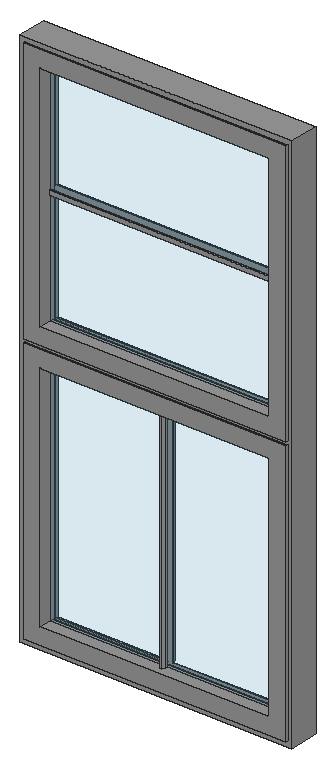
Revit family "Kawneer_Window_GT70s_Pos0081", category Windows, host Wall, Revit 2020
Family settings
  Host = Wall
  OmniClass Number = 23.30.20.00
  OmniClass Title = Windows
  Always vertical = Yes
  Cut with Voids When Loaded = No
  Shared = No
  Room Calculation Point = No
Parameters (values of type "1000mm(w)x2000mm(h)")
  _ObjectUserGuide = "www.bimstore.co.uk"
  _DistributedBy = "www.bimstore.co.uk"
  _CurrentRevision = 1
  _CreatedBy = "https://www.bimstore.co/"
  _BimSpecGuid = 0
  _BSBibleVersion = 16
  _AuthorizedBy = "bimstore"
  _Author = "BS"
  WarrantyStartDate [instance] = "Please record on commissioning."
  WarrantyGuarantorParts = "kuk.kawneer@arconic.com"
  WarrantyGuarantorLabor = "kuk.kawneer@arconic.com"
  WarrantyDurationUnit = "Years"
  WarrantyDurationParts = "n/a"
  WarrantyDurationLabor = "n/a"
  WarrantyDescription = "Kawneer Lifetime Guarantee"
  WallThickness [instance] = 300 mm
  URL = "https://www.kawneer.com"
  TypeName = Model  # "GT70s - Pos 008"
  Type Comments = "1000mm(w)x2000mm(h)"
  TopPanel = 600 mm
  SpareParts = "n/a"
  Size = Type Comments  # "1000mm(w)x2000mm(h)"
  Shape = "Rectangle"
  SerialNumber [instance] = "Please record on commissioning."
  Rough Width = system length 1  # 1000 mm
  Rough Height = system length 2  # 2000 mm
  ReplacementCost = "n/a"
  ReferencedStandard = "n/a"
  ProductionYear = "2022"
  OffsetOutward [instance] = if(ExternalRevealDepth > 0 mm, 0 mm, 0 mm - ExternalRevealDepth)  # 0 mm
  OffsetInward [instance] = if(OffsetOutward = 0 mm, ExternalRevealDepth, 0 mm)  # 30 mm
  NominalLength = system length 1  # 1000 mm
  NominalHeight = system length 2  # 2000 mm
  NominalDepth = FrameDepth  # 72 mm
  NBSReference = "45-25-99/310"
  NBSOfficeMasterTag = "n/a"
  NBSObjectName = "Kawneer - Aluminium window units"
  NBSNote = "n/a"
  NBSDescription = "Aluminium window units"
  ModelReference = Type Comments  # "1000mm(w)x2000mm(h)"
  ModelNumber = Model  # "GT70s - Pos 008"
  Model = "GT70s - Pos 008"
  Material = "Aluminium"
  ManufacturerName = "Kawneer UK Limited"
  Manufacturer = "Kawneer UK Limited"
  Keynote = "L10/330"
  JambTolerance = 0 mm
  IronmongeryMaterial [instance] = Aluminum
  InternalRevealThickness = 5 mm
  InternalRevealDepth [instance] = WallThickness - ExternalRevealDepth - FrameDepth  # 198 mm
  InstallationDate [instance] = "Please record on commissioning."
  IfcExportType = "IfcWindowTypeEnum.WINDOW"
  IfcExportAs = "IfcWindow"
  system length 2 = 2000 mm
  HeadTolerance = 0 mm
  HasCill [instance] = no
  Grade = "n/a"
  GlazingThickness = 28 mm  # constant formula
  GlazingMaterial [instance] = Kawneer Glass
  GlassThickness = 6 mm  # constant formula
  GlassOffset_EXT = 7 mm  # constant formula
  FrameWidth = 79 mm  # constant formula
  FrameMaterial [instance] = Aluminum
  Finish = "PPC"
  Features = "n/a"
  ExternalRevealDepth [instance] = 30 mm
  ExpectedLife = 0
  DurationUnit = "Years"
  DocumentationTechnical = "n/a"
  DocumentationMaintenance = "n/a"
  DocumentationLiterature = "https://www.kawneer.com"
  DocumentationInstallationGuide = "n/a"
  DocumentationCertificates = "n/a"
  Description = "Window"
  FrameDepth = 72 mm  # constant formula
  Default Cill Height = 800 mm
  Wall Closure = By host
  system length 1 = 1000 mm
  CreatedOn = "12-09.2022 T09:00:00"
  CreatedBy = "kuk.kawneer@arconic.com"
  Constituents = "n/a"
  Color = "n/a"
  CodePerformance = "n/a"
  ClassificationValue = "Pr_30_59_98_02"
  ClassificationName = "Uniclass2015"
  CillHeight [instance] = if(HasCill, 30 mm, 0 mm)  # 0 mm
  BottomPanel = 500 mm
  BarCode [instance] = "Please record on commissioning."
  BIMObjectName = "Kawneer_Window_GT70s_Pos008"
  AssetType = "Fixed"
  AssetIdentifier [instance] = "n/a"
  Assembly Code = "B2020100"
  AccessibilityPerformance = "n/a"
Values of the unnamed type that differ from the named types
  Wall Closure = (empty or 0)
Reference planes
  plane 1 "Center (Front/Back)": y = 0
  plane 2 "Center (Left/Right)": x = 0
  plane 3 "Left": x = -500
  plane 4 "Right": x = 500
  plane 5 "Sill": z = 800
  plane 6 "Head": z = 2800
  plane 7 "Exterior": y = 150
  plane 8 "Interior": y = -150
  plane 9 "Front": y = 120
  plane 10 "Frame Rear": y = 48
  plane 11 "Base": z = 800
  plane 12 "Offset Inward": y = 120
  plane 13: x = -495
  plane 14: x = 495
  plane 15 "7": z = 2795
  plane 16 "Int Wrap": y = 48
  plane 17 "CL": z = 1800
  plane 18 "JAMB TOL A": x = -500
  plane 19 "JAMB TOL B": x = 500
  plane 20 "HEAD TOL": z = 2800
  plane 21 "HEAD TOL E": z = 2721
  plane 22 "HEAD TOL F": z = 879
  plane 23 "Handle Int": y = 48
Forms (mm)
  Extrusion 1, void
    sketch origin (0, 0, 0) x (1, 0, 0) y (0, 1, 0)
      loop
        line (-495, 48) -> (-495, -150) -> (495, -150) -> (495, 48) -> (-495, 48)
    from 800 to 2795
  Extrusion 2, void
    sketch origin (0, 0, 0) x (1, 0, 0) y (0, 1, 0)
      loop
        line (-500, 150) -> (-500, 48) -> (500, 48) -> (500, 150) -> (-500, 150)
    from 800 to 2800
Lines and regions (mm)
  Masking region 1
    outline origin (-500, 0, 0) x (0, -1, 0) y (0, 0, 1)
      loop
        line (150, 2800) -> (-48, 2800) -> (-48, 2795) -> (150, 2795) -> (150, 2800)
Text (mm)
  text "EXTERIOR" at (-1963.203, 1332.353, 0), in view "Ref. Level"
  text "INTERIOR" at (-1981.466, -818.386, 0), in view "Ref. Level"
  text "Exterior" at (0, 923.751, 2943.296), in view "Right"
  text "Exterior" at (0, 1040.484, 2685.409), in view "Left"
Dimensions and locks
  equal spacing: plane 3 "Left", plane 2 "Center (Left/Right)", plane 4 "Right"
  "system length 1": plane 3 "Left" to plane 4 "Right"
  "system length 2": plane 5 "Sill" to plane 6 "Head"
  "Default Cill Height": plane 5 "Sill" to level
  locked: plane 7 "Exterior" to host wall
  locked: plane 8 "Interior" to host wall
  "FrameDepth": plane 9 "Front" to plane 10 "Frame Rear"
  "OffsetInward": plane 12 "Offset Inward" to plane 7 "Exterior"
  "OffsetOutward": plane 9 "Front" to plane 12 "Offset Inward"
  "InternalRevealThickness": plane 3 "Left" to plane 13
  "InternalRevealThickness": plane 14 to plane 4 "Right"
  "InternalRevealThickness": plane 6 "Head" to plane 15 "7"
  "InternalRevealDepth": plane 8 "Interior" to plane 16 "Int Wrap"
  "WallThickness": host wall to host wall
  equal spacing: plane 5 "Sill", plane 17 "CL", plane 6 "Head"
  "JambTolerance": plane 19 "JAMB TOL B" to plane 4 "Right"
  "JambTolerance": plane 3 "Left" to plane 18 "JAMB TOL A"
  "HeadTolerance": plane 20 "HEAD TOL" to plane 6 "Head"
  "FrameWidth": plane 21 "HEAD TOL E" to plane 20 "HEAD TOL"
  "FrameWidth": plane 11 "Base" to plane 22 "HEAD TOL F"
  "CillHeight": plane 5 "Sill" to plane 11 "Base"
  locked: plane 9 "Front" to plane 23 "Handle Int" at 72
  aligned and locked: Extrusion 1 sketch curve to plane 16 "Int Wrap"
  aligned and locked: Extrusion 1 sketch curve to plane 13
  aligned and locked: Extrusion 1 sketch curve to plane 14
  aligned and locked: Extrusion 1 sketch curve to plane 8 "Interior"
  aligned and locked: Extrusion 1 to plane 15 "7"
  aligned and locked: plane 5 "Sill" to Extrusion 1
  aligned and locked: Extrusion 2 sketch curve to plane 3 "Left"
  aligned and locked: plane 4 "Right" to Extrusion 2 sketch curve
  aligned and locked: plane 16 "Int Wrap" to Extrusion 2 sketch curve
  aligned and locked: Extrusion 2 to plane 6 "Head"
  aligned and locked: plane 5 "Sill" to Extrusion 2
  aligned and locked: plane 7 "Exterior" to Extrusion 2 sketch curve
  aligned and locked: plane 16 "Int Wrap" to Masking region 1 sketch curve
  aligned and locked: plane 15 "7" to Masking region 1 sketch curve
  aligned and locked: Masking region 1 sketch curve to plane 6 "Head"
  aligned and locked: host wall to Masking region 1 sketch curve
  aligned and locked: nested 1 to plane 20 "HEAD TOL"
  aligned and locked: nested 1 to plane 11 "Base"
  aligned and locked: nested 1 to plane 19 "JAMB TOL B"
  aligned and locked: plane 18 "JAMB TOL A" to nested 1
  aligned and locked: plane 9 "Front" to nested 1
Nested families
  nested 1: "Kawneer_GT70s_Pos008" at (500, 120, 1800) x (-1, 0, 0) z (0, 0, 1), FrameMaterial <- "FrameMaterial", GlassMaterial <- "GlazingMaterial", type ""
    with Width 1000 mm, Height 2000 mm, GlassMaterial Kawneer Glass, FrameMaterial Aluminum, BottomPanel 1000 mm
Definition of nested family "Kawneer_GT70s_Pos008"
  Parameters (values of type "Kawneer_GT70s_Pos008")
    Width [instance] = 1000 mm
    TopPanel = 600 mm
    Offset = 0 mm
    Height [instance] = 2000 mm
    GlassMaterial [instance] = none
    GPane = 6 mm
    FrameMaterial [instance] = none
    Default Elevation = 0 mm
    BottomPanel [instance] = Height / 2  # 1000 mm
  Reference planes
    plane 1 "Center (Front/Back)": y = 0
    plane 2: z = 0
    plane 3 "Center (Left/Right)": x = 0
    plane 4 "Frame Front": y = 0
    plane 5 "Frame": y = 72
    plane 6: x = 1000
    plane 7: z = 1000
    plane 8: z = -1000
    plane 9 "Glass Front": y = 7
    plane 10: y = 13
    plane 11: y = 29
    plane 12 "Glass Internal": y = 35
    plane 13 "CL": x = 500
    plane 14: x = 69.95
    plane 15: x = 930.05
    plane 16: z = 930.05
    plane 17: z = -930.05
    plane 18: z = 0
    plane 19: z = -57.95
    plane 20: z = 57.95
    plane 21: z = 494
  Forms (mm)
    Extrusion 1, solid, material <- "GlassMaterial"
      sketch origin (0, 0, 0) x (1, 0, 0) y (0, 1, 0)
        loop
          line (930.05, 29) -> (930.05, 35) -> (69.95, 35) -> (69.95, 29) -> (930.05, 29)
        loop
          line (930.05, 7) -> (930.05, 13) -> (69.95, 13) -> (69.95, 7) -> (930.05, 7)
      from 57.95 to 930.05
    Sweep 2, solid, material <- "FrameMaterial"
      path origin (0, 0, 0) x (-1, 0, 0) y (0, 0, 1)
        loop
          line (-1000, 1000) -> (-1000, -1000) -> (0, -1000) -> (0, 1000) -> (-1000, 1000)
      profile "Kawneer_GT70s_JambFixed8_Profile : Kawneer_GT70s_JambFixed8_Profile" origin (1000, 0, 0) x (-1, 0, 0) y (0, 1, 0)
        loop
          line (0, 72) -> (0, -34) -> (17.056, -34) -> (26.973, -10) -> (39, -10) -> (39, 4) -> (24, 4) -> (24, 72) -> (0, 72)
    Sweep 3, solid, material <- "FrameMaterial"
      path origin (0, 7, 0) x (-1, 0, 0) y (0, 0, 1)
        loop
          line (-930.05, 930.05) -> (-930.05, 57.95) -> (-69.95, 57.95) -> (-69.95, 930.05) -> (-930.05, 930.05)
      profile "Kawneer_GT70s_OpenVent3_Profile : Kawneer_GT70s_OpenVent3_Profile" origin (930.05, 7, 494) x (-1, 0, 0) y (0, 1, 0)
        loop
          line (-51.95, 65) -> (-45, 65) -> (-45, -2.3) -> (-18.951, -2.3) -> (-18.951, -7) -> (9.05, -7) -> (9.05, 0) -> (0, 0) -> (0, 28) -> (9.05, 28) -> (9.05, 73) -> (-51.95, 73) -> (-51.95, 65)
    Sweep 4, solid, material <- "FrameMaterial"
      path origin (0, 7, 0) x (-1, 0, 0) y (0, 0, 1)
        loop
          line (-69.95, -57.95) -> (-930.05, -57.95) -> (-930.05, -930.05) -> (-69.95, -930.05) -> (-69.95, -57.95)
      profile "Kawneer_GT70s_OpenVent3_Profile : Kawneer_GT70s_OpenVent3_Profile" origin (69.95, 7, -494) x (-1, 0, 0) y (0, 1, 0)
        loop
          line (51.95, 65) -> (51.95, 73) -> (-9.05, 73) -> (-9.05, 28) -> (0, 28) -> (0, 0) -> (-9.05, 0) -> (-9.05, -7) -> (18.951, -7) -> (18.951, -2.3) -> (45, -2.3) -> (45, 65) -> (51.95, 65)
    Sweep 5, solid, material <- "FrameMaterial"
      path origin (0, 0, 0) x (-1, 0, 0) y (0, 0, 1)
        loop
          line (0, 0) -> (-1000, 0)
      profile "Kawneer_GT70s_Trans8_Profile : Kawneer_GT70s_Trans8_Profile" origin (500, 0, 0) x (0, 0, -1) y (0, 1, 0)
        loop
          line (-12, 72) -> (-12, 4.7) -> (-27, 4.7) -> (-27, -8.201) -> (-14.941, -8.201) -> (-5, -32.201) -> (5, -32.201) -> (14.941, -8.201) -> (27, -8.201) -> (27, 4.7) -> (12, 4.7) -> (12, 72) -> (-12, 72)
    Extrusion 6, solid, material <- "GlassMaterial"
      sketch origin (0, 0, -1685.501) x (1, 0, 0) y (0, 1, 0)
        loop
          line (930.05, 29) -> (930.05, 35) -> (69.95, 35) -> (69.95, 29) -> (930.05, 29)
        loop
          line (930.05, 7) -> (930.05, 13) -> (69.95, 13) -> (69.95, 7) -> (930.05, 7)
      from 755.451 to 1627.55
    Sweep 7, solid, material <- "FrameMaterial"
      path origin (0, 7, 0) x (-1, 0, 0) y (0, 0, 1)
        loop
          line (-500, -67) -> (-500, -921)
      profile "Kawneer_GT70s_Bead_Profile : Kawneer_GT70s_Bead_Profile" origin (500, 7, -494) x (-1, 0, 0) y (0, 1, 0)
        loop
          line (-9, 0) -> (-9, -6.34) -> (-4, -15) -> (4, -15) -> (9, -6.34) -> (9, 0) -> (-9, 0)
    Sweep 8, solid, material <- "FrameMaterial"
      path origin (0, 35, 0) x (-1, 0, 0) y (0, 0, 1)
        loop
          line (-500, -921) -> (-500, -67)
      profile "Kawneer_GT70s_Bead_Profile : Kawneer_GT70s_Bead_Profile" origin (500, 35, -494) x (1, 0, 0) y (0, 1, 0)
        loop
          line (9, 0) -> (9, 6.34) -> (4, 15) -> (-4, 15) -> (-9, 6.34) -> (-9, 0) -> (9, 0)
    Sweep 9, solid, material <- "FrameMaterial"
      path origin (0, 7, 0) x (-1, 0, 0) y (0, 0, 1)
        loop
          line (-79, 494) -> (-921, 494)
      profile "Kawneer_GT70s_BeadHori_Profile : Kawneer_GT70s_BeadHori_Profile" origin (500, 7, 494) x (0, 0, -1) y (0, 1, 0)
        loop
          line (-9, 0) -> (-9, -6) -> (9, -6) -> (9, 0) -> (-9, 0)
    Sweep 10, solid, material <- "FrameMaterial"
      path origin (0, 35, 0) x (-1, 0, 0) y (0, 0, 1)
        loop
          line (-79, 494) -> (-921, 494)
      profile "Kawneer_GT70s_BeadHori_Profile : Kawneer_GT70s_BeadHori_Profile" origin (500, 35, 494) x (0, 0, -1) y (0, 1, 0)
        loop
          line (-9, 0) -> (9, 0) -> (9, 6) -> (-9, 6) -> (-9, 0)
  Cuts and joins
    joined: Sweep 2, Sweep 5
    joined: Sweep 4, Sweep 7, Sweep 8
    joined: Sweep 3, Sweep 9, Sweep 10
  Lines and regions (mm)
    symbolic lines
      curve 1: line (79, 7, -67) -> (500, 7, -921)
      curve 2: line (500, 7, -921) -> (921, 7, -67)
      curve 3: line (79, 7, 921) -> (500, 7, 67)
      curve 4: line (500, 7, 67) -> (921, 7, 921)
  Dimensions and locks
    equal spacing: plane 7, level, plane 8
    "Height": plane 7 to plane 8
    "Width": plane 6 to plane 3 "Center (Left/Right)"
    locked: plane 5 "Frame" to plane 4 "Frame Front" at 72
    "Offset": plane 4 "Frame Front" to plane 1 "Center (Front/Back)"
    equal spacing: plane 6, plane 13 "CL", plane 3 "Center (Left/Right)"
    locked: plane 9 "Glass Front" to plane 4 "Frame Front" at 7
    locked: plane 12 "Glass Internal" to plane 9 "Glass Front" at 28
    "GPane": plane 12 "Glass Internal" to plane 11
    "GPane": plane 10 to plane 9 "Glass Front"
    locked: plane 14 to plane 3 "Center (Left/Right)" at 69.95
    locked: plane 6 to plane 15 at 69.95
    locked: plane 7 to plane 16 at 69.95
    locked: plane 17 to plane 8 at 69.95
    "BottomPanel": plane 18 to plane 8
    locked: plane 20 to plane 18 at 57.95
    locked: plane 18 to plane 19 at 57.95
    equal spacing: plane 16, plane 21, plane 20
    aligned and locked: level to plane 2
    aligned and locked: plane 11 to Extrusion 1 sketch curve
    aligned and locked: plane 9 "Glass Front" to Extrusion 1 sketch curve
    aligned and locked: Extrusion 1 sketch curve to plane 15  (x2)
    aligned and locked: plane 6 to Sweep 2 sketch curve
    aligned and locked: plane 8 to Sweep 2 sketch curve
    aligned and locked: plane 7 to Sweep 2 sketch curve
    aligned and locked: plane 3 "Center (Left/Right)" to Sweep 2 sketch curve
    aligned and locked: plane 16 to Extrusion 1
    aligned and locked: plane 15 to Sweep 3 sketch curve
    aligned and locked: plane 16 to Sweep 3 sketch curve
    aligned and locked: plane 14 to Sweep 4 sketch curve
    aligned and locked: plane 17 to Sweep 4 sketch curve
    aligned and locked: plane 6 to nested 2
    aligned and locked: plane 4 "Frame Front" to nested 2
    aligned and locked: Sweep 4 sketch curve to plane 15
    aligned and locked: Sweep 3 sketch curve to plane 14
    aligned and locked: Extrusion 1 sketch curve to plane 14  (x2)
    aligned and locked: Extrusion 1 to plane 20
    aligned and locked: plane 3 "Center (Left/Right)" to Sweep 5 sketch curve
    aligned and locked: plane 6 to Sweep 5 sketch curve
    aligned and locked: nested 3 to plane 18
    aligned and locked: nested 3 to plane 4 "Frame Front"
    aligned and locked: plane 19 to Extrusion 6
    aligned and locked: Extrusion 6 to plane 17
    aligned and locked: Extrusion 6 sketch curve to plane 14  (x2)
    aligned and locked: Extrusion 6 sketch curve to plane 15  (x2)
    aligned and locked: Sweep 3 sketch curve to plane 20
    aligned and locked: Sweep 4 sketch curve to plane 19
    aligned and locked: nested 4 to plane 9 "Glass Front"
    aligned and locked: plane 13 "CL" to nested 4
    aligned and locked: nested 5 to plane 13 "CL"
    aligned and locked: nested 5 to plane 12 "Glass Internal"
    aligned and locked: cut or joined group of Sweep 4, Sweep 7, Sweep 8 to Sweep 7 sketch curve  (x2)
    aligned and locked: Sweep 8 sketch curve to plane 13 "CL"
    aligned and locked: cut or joined group of Sweep 4, Sweep 7, Sweep 8 to Sweep 8 sketch curve  (x2)
    aligned and locked: plane 3 "Center (Left/Right)" to nested 6
    aligned and locked: nested 6 to plane 4 "Frame Front"
    aligned and locked: nested 1 to plane 8
    aligned and locked: nested 1 to plane 4 "Frame Front"
    aligned and locked: nested 7 to plane 7
    aligned and locked: plane 4 "Frame Front" to nested 7
    aligned and locked: plane 21 to Sweep 9 sketch curve
    aligned and locked: Sweep 3 to Sweep 9 sketch curve  (x2)
    aligned and locked: plane 21 to Sweep 10 sketch curve
    aligned and locked: cut or joined group of Sweep 3, Sweep 9, Sweep 10 to Sweep 10 sketch curve  (x2)
  Automatic sketch dimensions
    Extrusion 1 sketch curve to plane 10 = 0 mm
    Extrusion 1 sketch curve to plane 12 "Glass Internal" = 0 mm
    Sweep 5 sketch curve to plane 18 = 0 mm
    Extrusion 6 sketch curve to plane 12 "Glass Internal" = 0 mm
    Extrusion 6 sketch curve to plane 10 = 0 mm
    Extrusion 6 sketch curve to plane 9 "Glass Front" = 0 mm
    Extrusion 6 sketch curve to plane 11 = 0 mm
    curve 2 to plane 13 "CL" = 0 mm
    curve 3 to plane 13 "CL" = 0 mm
    plane 17 to curve 1 = 9.05 mm
    curve 4 to plane 15 = 9.05 mm
    curve 2 to plane 15 = 9.05 mm
    plane 14 to curve 3 = 9.05 mm
    plane 14 to curve 1 = 9.05 mm
    curve 2 to plane 19 = 9.05 mm
    curve 1 to plane 19 = 9.05 mm
    plane 20 to curve 3 = 9.05 mm
    curve 4 to plane 16 = 9.05 mm
    curve 3 to plane 16 = 9.05 mm
    Sweep 7 sketch curve to plane 13 "CL" = 0 mm
  Nested families
    nested 1: "Kawneer_GT70s_Jamb8" at (0, 72, -1000) x (0, 0, -1) z (1, 0, 0), type "Jamb Open"
    nested 2: "Kawneer_GT70s_Jamb8" at (1000, 72, 0), type "Jamb Open"
      with Open yes
    nested 3: "Kawneer_GT70s_Trans8" at (0, 72, 0) x (0, 0, -1) z (1, 0, 0), type "Jamb Open"
      with Open yes
    nested 4: "Kawneer_GT70s_Bead" at (500, 7, 0), type "Jamb Open"
      with Open yes
    nested 5: "Kawneer_GT70s_Bead" at (500, 35, 0), type ""
      with Open yes
    nested 6: "Kawneer_GT70s_Jamb8" at (0, 72, 0) x (-1, 0, 0) z (0, 0, 1), type ""
      with Open yes
    nested 7: "Kawneer_GT70s_Jamb8" at (0, 72, 1000) x (0, 0, 1) z (1, 0, 0), type ""
  Definition of nested family "Kawneer_GT70s_Jamb8"
    Parameters (values of type "Jamb Open")
      Open [instance] = yes
    Reference planes
      plane 1 "Center (Front/Back)": y = 0
      plane 2: z = 0
      plane 3 "Center (Left/Right)": x = 0
      plane 4: x = -78.974
      plane 5: x = -69.95
      plane 6: y = -37
      plane 7: y = -72
      plane 8: y = -65
    Lines and regions (mm)
      model lines, in view "Ref. Level", detail levels fine
        curve 1: arc (-8.164, -35.8, 0) -> (-7.264, -34.9, 0) -> (-8.164, -34, 0) r 0.9
        curve 2: arc (-15.85, -36.2, 0) -> (-16.75, -37.1, 0) -> (-15.85, -38, 0) r 0.9
        curve 3: arc (-48.723, -39.1, 0) -> (-47.823, -38.2, 0) -> (-48.723, -37.3, 0) r 0.9
        curve 4: arc (-53.321, -39.499, 0) -> (-54.221, -40.399, 0) -> (-53.321, -41.299, 0) r 0.9
        curve 5: spline (-76.834, -35.939, 0) -> (-76.956, -36.099, 0) -> (-77.089, -36.249, 0) -> (-77.232, -36.387, 0) -> (-77.384, -36.512, 0) -> (-77.545, -36.625, 0) -> (-77.713, -36.724, 0) -> (-77.887, -36.809, 0) -> (-78.067, -36.879, 0) -> (-78.251, -36.934, 0) -> (-78.439, -36.973, 0) -> (-78.629, -36.997, 0) -> (-78.82, -37.005, 0)
        curve 6: spline (-76.631, -35.658, 0) -> (-76.486, -35.487, 0) -> (-76.319, -35.341, 0) -> (-76.135, -35.222, 0) -> (-75.937, -35.133, 0) -> (-75.73, -35.075, 0) -> (-75.517, -35.05, 0) -> (-75.303, -35.058, 0) -> (-75.092, -35.099, 0) -> (-74.889, -35.172, 0) -> (-74.698, -35.276, 0) -> (-74.522, -35.409, 0) -> (-74.365, -35.567, 0)
        curve 7: spline (-72.262, -37.005, 0) -> (-72.398, -37, 0) -> (-72.534, -36.985, 0) -> (-72.669, -36.96, 0) -> (-72.802, -36.924, 0) -> (-72.932, -36.879, 0) -> (-73.059, -36.825, 0) -> (-73.182, -36.761, 0) -> (-73.302, -36.688, 0) -> (-73.416, -36.607, 0) -> (-73.525, -36.517, 0) -> (-73.628, -36.419, 0) -> (-73.724, -36.314, 0)
        curve 8: spline (-70.342, -35.717, 0) -> (-70.205, -35.77, 0) -> (-70.084, -35.857, 0) -> (-69.985, -35.974, 0) -> (-69.916, -36.113, 0) -> (-69.879, -36.266, 0) -> (-69.877, -36.425, 0) -> (-69.911, -36.579, 0) -> (-69.978, -36.72, 0) -> (-70.073, -36.839, 0) -> (-70.193, -36.929, 0) -> (-70.329, -36.986, 0) -> (-70.474, -37.005, 0)
        curve 9: spline (-70.342, -35.717, 0) -> (-70.537, -35.662, 0) -> (-70.728, -35.592, 0) -> (-70.915, -35.509, 0) -> (-71.096, -35.413, 0) -> (-71.27, -35.304, 0) -> (-71.437, -35.182, 0) -> (-71.597, -35.048, 0) -> (-71.748, -34.903, 0) -> (-71.889, -34.747, 0) -> (-72.021, -34.582, 0) -> (-72.142, -34.407, 0) -> (-72.252, -34.223, 0)
        curve 10: spline (-73.361, -32.421, 0) -> (-73.263, -32.567, 0) -> (-73.166, -32.714, 0) -> (-73.07, -32.861, 0) -> (-72.975, -33.01, 0) -> (-72.881, -33.159, 0) -> (-72.788, -33.309, 0) -> (-72.696, -33.459, 0) -> (-72.605, -33.611, 0) -> (-72.515, -33.763, 0) -> (-72.426, -33.915, 0) -> (-72.339, -34.069, 0) -> (-72.252, -34.223, 0)
        curve 11: spline (-73.732, -32.12, 0) -> (-73.695, -32.135, 0) -> (-73.66, -32.153, 0) -> (-73.625, -32.172, 0) -> (-73.591, -32.193, 0) -> (-73.558, -32.216, 0) -> (-73.526, -32.241, 0) -> (-73.495, -32.267, 0) -> (-73.466, -32.295, 0) -> (-73.437, -32.324, 0) -> (-73.411, -32.355, 0) -> (-73.385, -32.388, 0) -> (-73.361, -32.421, 0)
        curve 12: spline (-75.892, -31.492, 0) -> (-75.881, -31.466, 0) -> (-75.867, -31.442, 0) -> (-75.85, -31.421, 0) -> (-75.832, -31.402, 0) -> (-75.811, -31.386, 0) -> (-75.788, -31.372, 0) -> (-75.764, -31.362, 0) -> (-75.739, -31.356, 0) -> (-75.713, -31.353, 0) -> (-75.687, -31.354, 0) -> (-75.662, -31.358, 0) -> (-75.637, -31.366, 0)
        curve 13: spline (-75.947, -31.825, 0) -> (-75.952, -31.85, 0) -> (-75.96, -31.874, 0) -> (-75.97, -31.896, 0) -> (-75.983, -31.918, 0) -> (-75.998, -31.937, 0) -> (-76.015, -31.954, 0) -> (-76.034, -31.969, 0) -> (-76.054, -31.982, 0) -> (-76.075, -31.992, 0) -> (-76.098, -31.999, 0) -> (-76.12, -32.004, 0) -> (-76.144, -32.005, 0)
        curve 14: spline (-78.305, -32.005, 0) -> (-78.416, -31.997, 0) -> (-78.525, -31.972, 0) -> (-78.63, -31.93, 0) -> (-78.728, -31.874, 0) -> (-78.818, -31.803, 0) -> (-78.899, -31.719, 0) -> (-78.967, -31.623, 0) -> (-79.023, -31.519, 0) -> (-79.065, -31.407, 0) -> (-79.093, -31.289, 0) -> (-79.105, -31.169, 0) -> (-79.101, -31.048, 0)
        curve 15: spline (-79.406, -29.319, 0) -> (-79.355, -29.296, 0) -> (-79.3, -29.284, 0) -> (-79.244, -29.284, 0) -> (-79.19, -29.294, 0) -> (-79.138, -29.315, 0) -> (-79.09, -29.347, 0) -> (-79.049, -29.387, 0) -> (-79.015, -29.435, 0) -> (-78.99, -29.489, 0) -> (-78.974, -29.547, 0) -> (-78.969, -29.607, 0) -> (-78.974, -29.667, 0)
        curve 16: spline (-80.454, -30.472, 0) -> (-80.395, -30.35, 0) -> (-80.33, -30.233, 0) -> (-80.259, -30.119, 0) -> (-80.182, -30.01, 0) -> (-80.101, -29.905, 0) -> (-80.015, -29.804, 0) -> (-79.923, -29.709, 0) -> (-79.828, -29.62, 0) -> (-79.728, -29.535, 0) -> (-79.624, -29.457, 0) -> (-79.517, -29.385, 0) -> (-79.406, -29.319, 0)
        curve 17: spline (-81.242, -32.832, 0) -> (-81.195, -32.629, 0) -> (-81.146, -32.426, 0) -> (-81.092, -32.225, 0) -> (-81.035, -32.024, 0) -> (-80.975, -31.825, 0) -> (-80.911, -31.627, 0) -> (-80.843, -31.431, 0) -> (-80.772, -31.236, 0) -> (-80.698, -31.042, 0) -> (-80.62, -30.85, 0) -> (-80.539, -30.66, 0) -> (-80.454, -30.472, 0)
        curve 18: spline (-81.242, -32.832, 0) -> (-81.283, -33.008, 0) -> (-81.332, -33.181, 0) -> (-81.387, -33.352, 0) -> (-81.448, -33.521, 0) -> (-81.516, -33.687, 0) -> (-81.591, -33.849, 0) -> (-81.671, -34.008, 0) -> (-81.757, -34.163, 0) -> (-81.85, -34.314, 0) -> (-81.948, -34.46, 0) -> (-82.051, -34.602, 0) -> (-82.16, -34.74, 0)
        curve 19: spline (-81.729, -35.44, 0) -> (-81.815, -35.462, 0) -> (-81.903, -35.463, 0) -> (-81.989, -35.443, 0) -> (-82.069, -35.403, 0) -> (-82.139, -35.345, 0) -> (-82.195, -35.272, 0) -> (-82.236, -35.187, 0) -> (-82.258, -35.095, 0) -> (-82.262, -34.999, 0) -> (-82.246, -34.905, 0) -> (-82.211, -34.817, 0) -> (-82.16, -34.74, 0)
        curve 20: spline (-79.495, -33.912, 0) -> (-79.655, -34.079, 0) -> (-79.821, -34.239, 0) -> (-79.992, -34.393, 0) -> (-80.168, -34.54, 0) -> (-80.348, -34.679, 0) -> (-80.534, -34.811, 0) -> (-80.724, -34.936, 0) -> (-80.918, -35.053, 0) -> (-81.116, -35.162, 0) -> (-81.317, -35.263, 0) -> (-81.522, -35.356, 0) -> (-81.729, -35.44, 0)
        curve 21: spline (-79.495, -33.912, 0) -> (-79.31, -33.768, 0) -> (-79.091, -33.696, 0) -> (-78.864, -33.705, 0) -> (-78.65, -33.792, 0) -> (-78.474, -33.95, 0) -> (-78.354, -34.16, 0) -> (-78.303, -34.402, 0) -> (-78.325, -34.648, 0) -> (-78.419, -34.874, 0) -> (-78.575, -35.055, 0) -> (-78.776, -35.171, 0) -> (-79.001, -35.212, 0)
        curve 22: spline (-82.128, -35.961, 0) -> (-82.04, -35.854, 0) -> (-81.947, -35.754, 0) -> (-81.847, -35.661, 0) -> (-81.741, -35.576, 0) -> (-81.631, -35.499, 0) -> (-81.516, -35.43, 0) -> (-81.396, -35.37, 0) -> (-81.273, -35.32, 0) -> (-81.148, -35.278, 0) -> (-81.02, -35.246, 0) -> (-80.89, -35.224, 0) -> (-80.759, -35.212, 0)
        curve 23: spline (-82.128, -35.961, 0) -> (-82.14, -35.976, 0) -> (-82.152, -35.99, 0) -> (-82.164, -36.004, 0) -> (-82.177, -36.018, 0) -> (-82.189, -36.032, 0) -> (-82.202, -36.046, 0) -> (-82.215, -36.059, 0) -> (-82.228, -36.073, 0) -> (-82.241, -36.086, 0) -> (-82.254, -36.1, 0) -> (-82.267, -36.113, 0) -> (-82.28, -36.126, 0)
        curve 24: spline (-82.585, -36.478, 0) -> (-82.562, -36.446, 0) -> (-82.538, -36.415, 0) -> (-82.514, -36.384, 0) -> (-82.49, -36.354, 0) -> (-82.465, -36.324, 0) -> (-82.44, -36.294, 0) -> (-82.414, -36.265, 0) -> (-82.388, -36.236, 0) -> (-82.362, -36.208, 0) -> (-82.335, -36.18, 0) -> (-82.308, -36.153, 0) -> (-82.28, -36.126, 0)
        curve 25: spline (-82.349, -37.005, 0) -> (-82.405, -36.999, 0) -> (-82.458, -36.983, 0) -> (-82.508, -36.955, 0) -> (-82.552, -36.919, 0) -> (-82.59, -36.873, 0) -> (-82.619, -36.822, 0) -> (-82.638, -36.765, 0) -> (-82.648, -36.705, 0) -> (-82.647, -36.644, 0) -> (-82.636, -36.585, 0) -> (-82.615, -36.529, 0) -> (-82.585, -36.478, 0)
        curve 26: arc (-15.5, -1.4, 0) -> (-15.641, -1.459, 0) -> (-15.7, -1.6, 0) r 0.2
        curve 27: arc (-15.9, -1.8, 0) -> (-15.759, -1.741, 0) -> (-15.7, -1.6, 0) r 0.2
        curve 28: arc (-17, -1.8, 0) -> (-17.141, -1.859, 0) -> (-17.2, -2, 0) r 0.2
        curve 29: arc (-17.4, -3.213, 0) -> (-17.259, -3.154, 0) -> (-17.2, -3.013, 0) r 0.2
        curve 30: arc (-17.4, -3.213, 0) -> (-17.541, -3.271, 0) -> (-17.6, -3.413, 0) r 0.2
        curve 31: arc (-17.6, -15.2, 0) -> (-17.541, -15.341, 0) -> (-17.4, -15.4, 0) r 0.2
        curve 32: arc (-17.2, -15.6, 0) -> (-17.259, -15.459, 0) -> (-17.4, -15.4, 0) r 0.2
        curve 33: arc (-17.2, -16.5, 0) -> (-17.141, -16.641, 0) -> (-17, -16.7, 0) r 0.2
        curve 34: arc (-16.1, -16.8, 0) -> (-16.173, -16.727, 0) -> (-16.273, -16.7, 0) r 0.2
        curve 35: arc (-16.1, -16.8, 0) -> (-16.027, -16.873, 0) -> (-15.927, -16.9, 0) r 0.2
        curve 36: arc (-8.073, -16.9, 0) -> (-7.973, -16.873, 0) -> (-7.9, -16.8, 0) r 0.2
        curve 37: arc (-7.727, -16.7, 0) -> (-7.827, -16.727, 0) -> (-7.9, -16.8, 0) r 0.2
        curve 38: arc (-7, -16.7, 0) -> (-6.859, -16.641, 0) -> (-6.8, -16.5, 0) r 0.2
        curve 39: arc (-6.6, -15.4, 0) -> (-6.741, -15.459, 0) -> (-6.8, -15.6, 0) r 0.2
        curve 40: arc (-6.6, -15.4, 0) -> (-6.459, -15.341, 0) -> (-6.4, -15.2, 0) r 0.2
        curve 41: arc (-6.4, -3.413, 0) -> (-6.459, -3.271, 0) -> (-6.6, -3.213, 0) r 0.2
        curve 42: arc (-6.8, -3.013, 0) -> (-6.741, -3.154, 0) -> (-6.6, -3.213, 0) r 0.2
        curve 43: arc (-6.8, -2, 0) -> (-6.859, -1.859, 0) -> (-7, -1.8, 0) r 0.2
        curve 44: arc (-8.3, -1.6, 0) -> (-8.241, -1.741, 0) -> (-8.1, -1.8, 0) r 0.2
        curve 45: arc (-8.3, -1.6, 0) -> (-8.359, -1.459, 0) -> (-8.5, -1.4, 0) r 0.2
        curve 46: arc (0, -0.5, 0) -> (-0.146, -0.146, 0) -> (-0.5, 0, 0) r 0.5
        curve 47: arc (-1.222, -4.184, 0) -> (-0.333, -3.447, 0) -> (0, -2.342, 0) r 2
        curve 48: arc (-1.5, -4, 0) -> (-1.411, -4.167, 0) -> (-1.222, -4.184, 0) r 0.2
        curve 49: arc (-1.5, -2.3, 0) -> (-1.646, -1.946, 0) -> (-2, -1.8, 0) r 0.5
        curve 50: arc (-4.5, -1.8, 0) -> (-4.854, -1.946, 0) -> (-5, -2.3, 0) r 0.5
        curve 51: arc (-5, -15.8, 0) -> (-4.854, -16.154, 0) -> (-4.5, -16.3, 0) r 0.5
        curve 52: arc (-2, -16.3, 0) -> (-1.646, -16.154, 0) -> (-1.5, -15.8, 0) r 0.5
        curve 53: arc (-1.212, -14.22, 0) -> (-1.406, -14.23, 0) -> (-1.5, -14.4, 0) r 0.2
        curve 54: arc (-0.2, -15.839, 0) -> (-0.474, -14.884, 0) -> (-1.212, -14.22, 0) r 1.8
        curve 55: arc (-1.2, -19.6, 0) -> (-0.493, -19.307, 0) -> (-0.2, -18.6, 0) r 1
        curve 56: arc (-1.5, -19.4, 0) -> (-1.441, -19.541, 0) -> (-1.3, -19.6, 0) r 0.2
        curve 57: arc (-1.5, -18.2, 0) -> (-1.559, -18.059, 0) -> (-1.7, -18, 0) r 0.2
        curve 58: arc (-4.3, -18, 0) -> (-4.795, -18.205, 0) -> (-5, -18.7, 0) r 0.7
        curve 59: arc (-5.45, -21.627, 0) -> (-5.15, -21.627, 0) -> (-5, -21.367, 0) r 0.3
        curve 60: arc (-7.027, -20.258, 0) -> (-7.288, -20.366, 0) -> (-7.18, -20.628, 0) r 0.2
        curve 61: arc (-6.413, -18.777, 0) -> (-6.432, -18.589, 0) -> (-6.598, -18.5, 0) r 0.2
        curve 62: arc (-10.2, -18.5, 0) -> (-10.341, -18.559, 0) -> (-10.4, -18.7, 0) r 0.2
        curve 63: arc (-9.584, -21, 0) -> (-9.384, -20.785, 0) -> (-9.614, -20.602, 0) r 0.2
        curve 64: arc (-11.49, -20.581, 0) -> (-10.754, -20.893, 0) -> (-9.961, -21, 0) r 3
        curve 65: arc (-11.49, -20.581, 0) -> (-12, -20.441, 0) -> (-12.51, -20.581, 0) r 1
        curve 66: arc (-14.039, -21, 0) -> (-13.246, -20.893, 0) -> (-12.51, -20.581, 0) r 3
        curve 67: arc (-14.386, -20.602, 0) -> (-14.616, -20.785, 0) -> (-14.416, -21, 0) r 0.2
        curve 68: arc (-13.6, -18.7, 0) -> (-13.659, -18.559, 0) -> (-13.8, -18.5, 0) r 0.2
        curve 69: arc (-17.402, -18.5, 0) -> (-17.568, -18.589, 0) -> (-17.587, -18.777, 0) r 0.2
        curve 70: arc (-16.82, -20.628, 0) -> (-16.712, -20.366, 0) -> (-16.973, -20.258, 0) r 0.2
        curve 71: arc (-19, -21.367, 0) -> (-18.85, -21.627, 0) -> (-18.55, -21.627, 0) r 0.3
        curve 72: arc (-19, -18.7, 0) -> (-19.205, -18.205, 0) -> (-19.7, -18, 0) r 0.7
        curve 73: arc (-22.3, -18, 0) -> (-22.441, -18.059, 0) -> (-22.5, -18.2, 0) r 0.2
        curve 74: arc (-22.7, -19.6, 0) -> (-22.559, -19.541, 0) -> (-22.5, -19.4, 0) r 0.2
        curve 75: arc (-23.8, -18.6, 0) -> (-23.507, -19.307, 0) -> (-22.8, -19.6, 0) r 1
        curve 76: arc (-22.788, -14.22, 0) -> (-23.526, -14.884, 0) -> (-23.8, -15.839, 0) r 1.8
        curve 77: arc (-22.5, -14.4, 0) -> (-22.594, -14.23, 0) -> (-22.788, -14.22, 0) r 0.2
        curve 78: arc (-22.5, -15.8, 0) -> (-22.354, -16.154, 0) -> (-22, -16.3, 0) r 0.5
        curve 79: arc (-19.5, -16.3, 0) -> (-19.146, -16.154, 0) -> (-19, -15.8, 0) r 0.5
        curve 80: arc (-19, -2.3, 0) -> (-19.146, -1.946, 0) -> (-19.5, -1.8, 0) r 0.5
        curve 81: arc (-22, -1.8, 0) -> (-22.354, -1.946, 0) -> (-22.5, -2.3, 0) r 0.5
        curve 82: arc (-22.778, -4.184, 0) -> (-22.589, -4.167, 0) -> (-22.5, -4, 0) r 0.2
        curve 83: arc (-24, -2.342, 0) -> (-23.667, -3.447, 0) -> (-22.778, -4.184, 0) r 2
        curve 84: arc (-23.5, 0, 0) -> (-23.854, -0.146, 0) -> (-24, -0.5, 0) r 0.5
        curve 85: arc (-17.05, -35.5, 0) -> (-17.404, -35.646, 0) -> (-17.55, -36, 0) r 0.5
        curve 86: arc (-17.55, -36, 0) -> (-17.488, -40.61, 0) -> (-17.303, -45.217, 0) r 172.599
        curve 87: arc (-17.303, -45.217, 0) -> (-17.095, -46.157, 0) -> (-16.605, -46.985, 0) r 3.049
        curve 88: arc (-14.519, -50.563, 0) -> (-14.672, -49.527, 0) -> (-15.221, -48.635, 0) r 2.599
        curve 89: arc (-14.519, -51.022, 0) -> (-14.502, -51.152, 0) -> (-14.452, -51.274, 0) r 0.5
        curve 90: arc (-13.8, -53.5, 0) -> (-13.659, -53.441, 0) -> (-13.6, -53.3, 0) r 0.2
        curve 91: arc (-15.08, -53.05, 0) -> (-15.08, -53.35, 0) -> (-14.821, -53.5, 0) r 0.3
        curve 92: arc (-15.08, -53.05, 0) -> (-15.6, -52.15, 0) -> (-16.12, -53.05, 0) r 0.6
        curve 93: arc (-16.379, -53.5, 0) -> (-16.12, -53.35, 0) -> (-16.12, -53.05, 0) r 0.3
        curve 94: arc (-17.4, -53.3, 0) -> (-17.341, -53.441, 0) -> (-17.2, -53.5, 0) r 0.2
        curve 95: arc (-16.897, -51.129, 0) -> (-17.114, -50.42, 0) -> (-17.645, -49.901, 0) r 1.5
        curve 96: arc (-18.95, -48.57, 0) -> (-18.816, -49.07, 0) -> (-18.45, -49.436, 0) r 1
        curve 97: arc (-18.95, -46.5, 0) -> (-19.093, -46.143, 0) -> (-19.45, -46, 0) r 0.49
        curve 98: arc (-22.15, -46, 0) -> (-22.362, -46.088, 0) -> (-22.45, -46.3, 0) r 0.3
        curve 99: arc (-22.95, -47.4, 0) -> (-22.596, -47.254, 0) -> (-22.45, -46.9, 0) r 0.5
        curve 100: arc (-23.45, -46.9, 0) -> (-23.304, -47.254, 0) -> (-22.95, -47.4, 0) r 0.5
        curve 101: arc (-22.95, -43.4, 0) -> (-23.303, -43.547, 0) -> (-23.45, -43.9, 0) r 0.502
        curve 102: arc (-22.45, -43.9, 0) -> (-22.596, -43.546, 0) -> (-22.95, -43.4, 0) r 0.5
        curve 103: arc (-22.45, -44.5, 0) -> (-22.362, -44.712, 0) -> (-22.15, -44.8, 0) r 0.3
        curve 104: arc (-19.45, -44.8, 0) -> (-19.096, -44.654, 0) -> (-18.95, -44.3, 0) r 0.5
        curve 105: arc (-18.45, -22.564, 0) -> (-18.816, -22.93, 0) -> (-18.95, -23.43, 0) r 1
        curve 106: arc (-17.645, -22.099, 0) -> (-17.114, -21.58, 0) -> (-16.897, -20.871, 0) r 1.5
        curve 107: arc (-17.2, -18.5, 0) -> (-17.341, -18.559, 0) -> (-17.4, -18.7, 0) r 0.2
        curve 108: arc (-16.12, -18.95, 0) -> (-16.12, -18.65, 0) -> (-16.379, -18.5, 0) r 0.3
        curve 109: arc (-16.12, -18.95, 0) -> (-15.6, -19.85, 0) -> (-15.08, -18.95, 0) r 0.6
        curve 110: arc (-14.821, -18.5, 0) -> (-15.08, -18.65, 0) -> (-15.08, -18.95, 0) r 0.3
        curve 111: arc (-13.6, -18.7, 0) -> (-13.659, -18.559, 0) -> (-13.8, -18.5, 0) r 0.2
        curve 112: arc (-14.452, -20.726, 0) -> (-14.502, -20.844, 0) -> (-14.519, -20.971, 0) r 0.5
        curve 113: arc (-15.22, -23.364, 0) -> (-14.7, -22.462, 0) -> (-14.519, -21.437, 0) r 2.996
        curve 114: arc (-16.605, -25.014, 0) -> (-17.098, -25.842, 0) -> (-17.303, -26.784, 0) r 3.002
        curve 115: arc (-17.303, -26.784, 0) -> (-17.455, -30.287, 0) -> (-17.536, -33.794, 0) r 172.067
        curve 116: arc (-17.536, -33.794, 0) -> (-17.392, -34.151, 0) -> (-17.036, -34.3, 0) r 0.5
        curve 117: arc (-7.55, -34.9, 0) -> (-7.726, -34.476, 0) -> (-8.15, -34.3, 0) r 0.6
        curve 118: arc (-8.15, -35.5, 0) -> (-7.726, -35.324, 0) -> (-7.55, -34.9, 0) r 0.6
        curve 119: arc (-6.95, -36.5, 0) -> (-6.596, -36.354, 0) -> (-6.45, -36, 0) r 0.5
        curve 120: arc (-6.45, -36, 0) -> (-6.512, -31.39, 0) -> (-6.697, -26.784, 0) r 172.47
        curve 121: arc (-6.697, -26.784, 0) -> (-6.902, -25.842, 0) -> (-7.395, -25.014, 0) r 3.002
        curve 122: arc (-9.481, -21.437, 0) -> (-9.3, -22.462, 0) -> (-8.78, -23.364, 0) r 2.996
        curve 123: arc (-9.481, -20.971, 0) -> (-9.498, -20.844, 0) -> (-9.548, -20.726, 0) r 0.5
        curve 124: arc (-10.2, -18.5, 0) -> (-10.341, -18.559, 0) -> (-10.4, -18.7, 0) r 0.2
        curve 125: arc (-8.92, -18.95, 0) -> (-8.92, -18.65, 0) -> (-9.179, -18.5, 0) r 0.3
        curve 126: arc (-8.92, -18.95, 0) -> (-8.4, -19.85, 0) -> (-7.88, -18.95, 0) r 0.6
        curve 127: arc (-7.621, -18.5, 0) -> (-7.88, -18.65, 0) -> (-7.88, -18.95, 0) r 0.3
        curve 128: arc (-6.6, -18.7, 0) -> (-6.659, -18.559, 0) -> (-6.8, -18.5, 0) r 0.2
        curve 129: arc (-7.103, -20.871, 0) -> (-6.886, -21.58, 0) -> (-6.355, -22.099, 0) r 1.5
        curve 130: arc (-5.05, -23.43, 0) -> (-5.184, -22.93, 0) -> (-5.55, -22.564, 0) r 1
        curve 131: arc (-5.05, -44.3, 0) -> (-4.904, -44.654, 0) -> (-4.55, -44.8, 0) r 0.5
        curve 132: arc (-1.85, -44.8, 0) -> (-1.638, -44.712, 0) -> (-1.55, -44.5, 0) r 0.3
        curve 133: arc (-1.05, -43.4, 0) -> (-1.404, -43.546, 0) -> (-1.55, -43.9, 0) r 0.5
        curve 134: arc (-0.55, -43.9, 0) -> (-0.697, -43.547, 0) -> (-1.05, -43.4, 0) r 0.502
        curve 135: arc (-1.05, -47.4, 0) -> (-0.696, -47.254, 0) -> (-0.55, -46.9, 0) r 0.5
        curve 136: arc (-1.55, -46.9, 0) -> (-1.404, -47.254, 0) -> (-1.05, -47.4, 0) r 0.5
        curve 137: arc (-1.55, -46.3, 0) -> (-1.638, -46.088, 0) -> (-1.85, -46, 0) r 0.3
        curve 138: arc (-4.55, -46, 0) -> (-4.907, -46.143, 0) -> (-5.05, -46.5, 0) r 0.49
        curve 139: arc (-5.55, -49.436, 0) -> (-5.184, -49.07, 0) -> (-5.05, -48.57, 0) r 1
        curve 140: arc (-6.355, -49.901, 0) -> (-6.886, -50.42, 0) -> (-7.103, -51.129, 0) r 1.5
        curve 141: arc (-6.8, -53.5, 0) -> (-6.659, -53.441, 0) -> (-6.6, -53.3, 0) r 0.2
        curve 142: arc (-7.88, -53.05, 0) -> (-7.88, -53.35, 0) -> (-7.621, -53.5, 0) r 0.3
        curve 143: arc (-7.88, -53.05, 0) -> (-8.4, -52.15, 0) -> (-8.92, -53.05, 0) r 0.6
        curve 144: arc (-9.179, -53.5, 0) -> (-8.92, -53.35, 0) -> (-8.92, -53.05, 0) r 0.3
        curve 145: arc (-10.4, -53.3, 0) -> (-10.341, -53.441, 0) -> (-10.2, -53.5, 0) r 0.2
        curve 146: arc (-9.548, -51.274, 0) -> (-9.498, -51.153, 0) -> (-9.481, -51.024, 0) r 0.5
        curve 147: arc (-8.779, -48.635, 0) -> (-9.328, -49.527, 0) -> (-9.481, -50.563, 0) r 2.599
        curve 148: arc (-7.395, -46.985, 0) -> (-6.905, -46.157, 0) -> (-6.697, -45.217, 0) r 3.049
        curve 149: arc (-6.697, -45.217, 0) -> (-6.545, -41.713, 0) -> (-6.464, -38.206, 0) r 172.05
        curve 150: arc (-6.464, -38.206, 0) -> (-6.608, -37.849, 0) -> (-6.964, -37.7, 0) r 0.5
        curve 151: arc (-16.45, -37.1, 0) -> (-16.274, -37.524, 0) -> (-15.85, -37.7, 0) r 0.6
        curve 152: arc (-15.85, -36.5, 0) -> (-16.274, -36.676, 0) -> (-16.45, -37.1, 0) r 0.6
        curve 153: arc (-17.174, -70, 0) -> (-17.115, -70.141, 0) -> (-16.974, -70.2, 0) r 0.2
        curve 154: arc (-6.974, -70.2, 0) -> (-6.832, -70.141, 0) -> (-6.774, -70, 0) r 0.2
        curve 155: arc (-6.774, -55.5, 0) -> (-6.832, -55.359, 0) -> (-6.974, -55.3, 0) r 0.2
        curve 156: arc (-16.974, -55.3, 0) -> (-17.115, -55.359, 0) -> (-17.174, -55.5, 0) r 0.2
        curve 157: arc (-6.62, -72.146, 0) -> (-6.782, -72.038, 0) -> (-6.974, -72, 0) r 0.5
        curve 158: arc (-36.974, -72, 0) -> (-37.327, -72.146, 0) -> (-37.474, -72.5, 0) r 0.5
        curve 159: arc (-37.474, -80, 0) -> (-37.327, -80.354, 0) -> (-36.974, -80.5, 0) r 0.5
        curve 160: arc (-25.588, -81.426, 0) -> (-26.14, -80.753, 0) -> (-26.974, -80.5, 0) r 1.5
        curve 161: arc (-16.158, -104.191, 0) -> (-15.974, -104.416, 0) -> (-15.696, -104.5, 0) r 0.5
        curve 162: arc (-6.974, -104.5, 0) -> (-6.62, -104.354, 0) -> (-6.474, -104, 0) r 0.5
        curve 163: arc (-6.474, -72.5, 0) -> (-6.512, -72.309, 0) -> (-6.62, -72.146, 0) r 0.5
        curve 164: arc (-18.974, -56.2, 0) -> (-19.12, -55.846, 0) -> (-19.474, -55.7, 0) r 0.5
        curve 165: arc (-22.278, -55.7, 0) -> (-22.419, -55.759, 0) -> (-22.478, -55.9, 0) r 0.2
        curve 166: arc (-22.679, -57.3, 0) -> (-22.537, -57.242, 0) -> (-22.478, -57.1, 0) r 0.2
        curve 167: arc (-23.474, -56.5, 0) -> (-23.241, -57.064, 0) -> (-22.679, -57.3, 0) r 0.8
        curve 168: arc (-22.474, -53.3, 0) -> (-22.974, -52.8, 0) -> (-23.474, -53.3, 0) r 0.5
        curve 169: arc (-22.474, -53.9, 0) -> (-22.386, -54.112, 0) -> (-22.174, -54.2, 0) r 0.3
        curve 170: arc (-19.674, -54.2, 0) -> (-19.179, -53.995, 0) -> (-18.974, -53.5, 0) r 0.7
        curve 171: arc (-18.524, -50.486, 0) -> (-18.824, -50.486, 0) -> (-18.974, -50.746, 0) r 0.3
        curve 172: arc (-17.038, -51.803, 0) -> (-16.782, -51.707, 0) -> (-16.862, -51.445, 0) r 0.2
        curve 173: arc (-17.705, -53.412, 0) -> (-17.708, -53.557, 0) -> (-17.613, -53.666, 0) r 0.2
        curve 174: arc (-17.613, -53.666, 0) -> (-17.407, -53.693, 0) -> (-17.234, -53.58, 0) r 0.3
        curve 175: arc (-17.074, -53.5, 0) -> (-17.163, -53.521, 0) -> (-17.234, -53.58, 0) r 0.2
        curve 176: arc (-13.914, -53.58, 0) -> (-13.984, -53.521, 0) -> (-14.074, -53.5, 0) r 0.2
        curve 177: arc (-13.914, -53.58, 0) -> (-13.462, -53.612, 0) -> (-13.494, -53.16, 0) r 0.3
        curve 178: arc (-13.574, -53, 0) -> (-13.553, -53.089, 0) -> (-13.494, -53.16, 0) r 0.2
        curve 179: arc (-14.359, -51, 0) -> (-14.559, -51.2, 0) -> (-14.359, -51.4, 0) r 0.2
        curve 180: arc (-12.483, -51.419, 0) -> (-13.22, -51.107, 0) -> (-14.012, -51, 0) r 3
        curve 181: arc (-12.483, -51.419, 0) -> (-11.974, -51.559, 0) -> (-11.464, -51.419, 0) r 1
        curve 182: arc (-9.935, -51, 0) -> (-10.728, -51.107, 0) -> (-11.464, -51.419, 0) r 3
        curve 183: arc (-9.588, -51.4, 0) -> (-9.388, -51.2, 0) -> (-9.588, -51, 0) r 0.2
        curve 184: arc (-10.454, -53.16, 0) -> (-10.395, -53.089, 0) -> (-10.374, -53, 0) r 0.2
        curve 185: arc (-10.454, -53.16, 0) -> (-10.486, -53.612, 0) -> (-10.034, -53.58, 0) r 0.3
        curve 186: arc (-9.874, -53.5, 0) -> (-9.963, -53.521, 0) -> (-10.034, -53.58, 0) r 0.2
        curve 187: arc (-6.714, -53.58, 0) -> (-6.54, -53.693, 0) -> (-6.335, -53.666, 0) r 0.3
        curve 188: arc (-6.335, -53.666, 0) -> (-6.239, -53.557, 0) -> (-6.243, -53.412, 0) r 0.2
        curve 189: arc (-7.086, -51.445, 0) -> (-7.165, -51.707, 0) -> (-6.909, -51.803, 0) r 0.2
        curve 190: arc (-4.974, -50.746, 0) -> (-5.124, -50.486, 0) -> (-5.424, -50.486, 0) r 0.3
        curve 191: arc (-4.974, -53.3, 0) -> (-4.769, -53.795, 0) -> (-4.274, -54, 0) r 0.7
        curve 192: arc (-1.674, -54, 0) -> (-1.532, -53.941, 0) -> (-1.474, -53.8, 0) r 0.2
        curve 193: arc (-1.274, -52.4, 0) -> (-1.415, -52.459, 0) -> (-1.474, -52.6, 0) r 0.2
        curve 194: arc (-0.174, -53.4, 0) -> (-0.467, -52.693, 0) -> (-1.174, -52.4, 0) r 1
        curve 195: arc (-1.186, -57.78, 0) -> (-0.448, -57.116, 0) -> (-0.174, -56.161, 0) r 1.8
        curve 196: arc (-1.474, -57.6, 0) -> (-1.38, -57.77, 0) -> (-1.186, -57.78, 0) r 0.2
        curve 197: arc (-1.474, -56.2, 0) -> (-1.62, -55.846, 0) -> (-1.974, -55.7, 0) r 0.5
        curve 198: arc (-4.474, -55.7, 0) -> (-4.827, -55.846, 0) -> (-4.974, -56.2, 0) r 0.5
        curve 199: arc (-4.974, -69.7, 0) -> (-4.827, -70.054, 0) -> (-4.474, -70.2, 0) r 0.5
        curve 200: arc (-1.974, -70.2, 0) -> (-1.62, -70.054, 0) -> (-1.474, -69.7, 0) r 0.5
        curve 201: arc (-1.196, -67.816, 0) -> (-1.384, -67.833, 0) -> (-1.474, -68, 0) r 0.2
        curve 202: arc (0.026, -69.658, 0) -> (-0.307, -68.553, 0) -> (-1.196, -67.816, 0) r 2
        curve 203: arc (-0.474, -72, 0) -> (-0.12, -71.854, 0) -> (0.026, -71.5, 0) r 0.5
        curve 204: arc (-4.474, -72, 0) -> (-4.827, -72.146, 0) -> (-4.974, -72.5, 0) r 0.5
        curve 205: arc (-4.974, -87.5, 0) -> (-4.827, -87.854, 0) -> (-4.474, -88, 0) r 0.5
        curve 206: arc (-0.174, -88.5, 0) -> (-0.32, -88.146, 0) -> (-0.674, -88, 0) r 0.5
        curve 207: arc (-1.186, -91.78, 0) -> (-0.448, -91.116, 0) -> (-0.174, -90.161, 0) r 1.8
        curve 208: arc (-1.474, -91.6, 0) -> (-1.38, -91.77, 0) -> (-1.186, -91.78, 0) r 0.2
        curve 209: arc (-1.474, -90.2, 0) -> (-1.62, -89.846, 0) -> (-1.974, -89.7, 0) r 0.5
        curve 210: arc (-4.474, -89.7, 0) -> (-4.827, -89.846, 0) -> (-4.974, -90.2, 0) r 0.5
        curve 211: arc (-4.974, -103.7, 0) -> (-4.827, -104.054, 0) -> (-4.474, -104.2, 0) r 0.5
        curve 212: arc (-1.974, -104.2, 0) -> (-1.62, -104.054, 0) -> (-1.474, -103.7, 0) r 0.5
        curve 213: arc (-1.196, -101.816, 0) -> (-1.384, -101.833, 0) -> (-1.474, -102, 0) r 0.2
        curve 214: arc (0.026, -103.658, 0) -> (-0.307, -102.553, 0) -> (-1.196, -101.816, 0) r 2
        curve 215: arc (-0.474, -106, 0) -> (-0.12, -105.854, 0) -> (0.026, -105.5, 0) r 0.5
        curve 216: arc (-26.846, -82.309, 0) -> (-27.03, -82.084, 0) -> (-27.308, -82, 0) r 0.5
        curve 217: arc (-38.974, -80.5, 0) -> (-38.534, -81.561, 0) -> (-37.474, -82, 0) r 1.5
        curve 218: arc (-38.474, -68, 0) -> (-38.827, -68.146, 0) -> (-38.974, -68.5, 0) r 0.5
        curve 219: arc (-36.474, -68.5, 0) -> (-36.62, -68.146, 0) -> (-36.974, -68, 0) r 0.5
        curve 220: arc (-36.674, -69, 0) -> (-36.532, -68.941, 0) -> (-36.474, -68.8, 0) r 0.2
        curve 221: arc (-37.274, -69, 0) -> (-37.627, -69.146, 0) -> (-37.774, -69.5, 0) r 0.5
        curve 222: arc (-37.774, -70.1, 0) -> (-37.627, -70.454, 0) -> (-37.274, -70.6, 0) r 0.5
        curve 223: arc (-32.674, -70.6, 0) -> (-32.32, -70.454, 0) -> (-32.174, -70.1, 0) r 0.5
        curve 224: arc (-32.174, -69.5, 0) -> (-32.32, -69.146, 0) -> (-32.674, -69, 0) r 0.5
        curve 225: arc (-33.474, -68.8, 0) -> (-33.415, -68.941, 0) -> (-33.274, -69, 0) r 0.2
        curve 226: arc (-32.974, -68, 0) -> (-33.327, -68.146, 0) -> (-33.474, -68.5, 0) r 0.5
        curve 227: arc (-29.874, -68.8, 0) -> (-29.474, -68.4, 0) -> (-29.874, -68, 0) r 0.4
        curve 228: arc (-30.774, -68.8, 0) -> (-30.915, -68.859, 0) -> (-30.974, -69, 0) r 0.2
        curve 229: arc (-30.974, -69.9, 0) -> (-30.827, -70.254, 0) -> (-30.474, -70.4, 0) r 0.5
        curve 230: arc (-19.463, -70.211, 0) -> (-19.116, -70.061, 0) -> (-18.974, -69.711, 0) r 0.5
        curve 231: arc (-54.119, -70.354, 0) -> (-54.011, -70.191, 0) -> (-53.973, -70, 0) r 0.5
        curve 232: arc (-51.973, -65.8, 0) -> (-53.387, -66.386, 0) -> (-53.973, -67.8, 0) r 2
        curve 233: arc (-47.273, -65.8, 0) -> (-47.131, -65.741, 0) -> (-47.073, -65.6, 0) r 0.2
        curve 234: arc (-47.073, -58.6, 0) -> (-47.131, -58.459, 0) -> (-47.273, -58.4, 0) r 0.2
        curve 235: arc (-57.273, -58.4, 0) -> (-57.414, -58.459, 0) -> (-57.473, -58.6, 0) r 0.2
        curve 236: arc (-57.473, -70, 0) -> (-57.326, -70.354, 0) -> (-56.973, -70.5, 0) r 0.5
        curve 237: arc (-54.473, -70.5, 0) -> (-54.281, -70.462, 0) -> (-54.119, -70.354, 0) r 0.5
        curve 238: arc (-51.119, -70.646, 0) -> (-51.281, -70.538, 0) -> (-51.473, -70.5, 0) r 0.5
        curve 239: arc (-50.973, -71, 0) -> (-51.011, -70.809, 0) -> (-51.119, -70.646, 0) r 0.5
        curve 240: arc (-51.473, -72, 0) -> (-51.119, -71.854, 0) -> (-50.973, -71.5, 0) r 0.5
        curve 241: arc (-78.973, -71.5, 0) -> (-78.826, -71.854, 0) -> (-78.473, -72, 0) r 0.5
        curve 242: arc (-78.473, -68, 0) -> (-78.826, -68.146, 0) -> (-78.973, -68.5, 0) r 0.5
        curve 243: arc (-76.473, -68.5, 0) -> (-76.619, -68.146, 0) -> (-76.973, -68, 0) r 0.5
        curve 244: arc (-76.673, -69, 0) -> (-76.531, -68.941, 0) -> (-76.473, -68.8, 0) r 0.2
        curve 245: arc (-77.273, -69, 0) -> (-77.626, -69.146, 0) -> (-77.773, -69.5, 0) r 0.5
        curve 246: arc (-77.773, -70.1, 0) -> (-77.626, -70.454, 0) -> (-77.273, -70.6, 0) r 0.5
        curve 247: arc (-72.673, -70.6, 0) -> (-72.319, -70.454, 0) -> (-72.173, -70.1, 0) r 0.5
        curve 248: arc (-72.173, -69.5, 0) -> (-72.319, -69.146, 0) -> (-72.673, -69, 0) r 0.5
        curve 249: arc (-73.473, -68.8, 0) -> (-73.414, -68.941, 0) -> (-73.273, -69, 0) r 0.2
        curve 250: arc (-72.973, -68, 0) -> (-73.326, -68.146, 0) -> (-73.473, -68.5, 0) r 0.5
        curve 251: arc (-69.873, -68.8, 0) -> (-69.473, -68.4, 0) -> (-69.873, -68, 0) r 0.4
        curve 252: arc (-70.773, -68.8, 0) -> (-70.914, -68.859, 0) -> (-70.973, -69, 0) r 0.2
        curve 253: arc (-70.973, -69.9, 0) -> (-70.826, -70.254, 0) -> (-70.473, -70.4, 0) r 0.5
        curve 254: arc (-59.462, -70.211, 0) -> (-59.115, -70.061, 0) -> (-58.973, -69.711, 0) r 0.5
        curve 255: arc (-58.523, -53.673, 0) -> (-58.823, -53.673, 0) -> (-58.973, -53.933, 0) r 0.3
        curve 256: arc (-56.946, -55.042, 0) -> (-56.684, -54.934, 0) -> (-56.793, -54.672, 0) r 0.2
        curve 257: arc (-57.559, -56.523, 0) -> (-57.541, -56.711, 0) -> (-57.375, -56.8, 0) r 0.2
        curve 258: arc (-53.773, -56.8, 0) -> (-53.631, -56.741, 0) -> (-53.573, -56.6, 0) r 0.2
        curve 259: arc (-54.389, -54.3, 0) -> (-54.588, -54.515, 0) -> (-54.359, -54.698, 0) r 0.2
        curve 260: arc (-51.845, -55.225, 0) -> (-52.834, -54.541, 0) -> (-54.012, -54.3, 0) r 3
        curve 261: arc (-51.845, -55.225, 0) -> (-51.123, -55.533, 0) -> (-50.401, -55.225, 0) r 1
        curve 262: arc (-48.234, -54.3, 0) -> (-49.412, -54.541, 0) -> (-50.401, -55.225, 0) r 3
        curve 263: arc (-47.89, -54.697, 0) -> (-47.657, -54.517, 0) -> (-47.857, -54.3, 0) r 0.2
        curve 264: arc (-48.673, -56.6, 0) -> (-48.613, -56.743, 0) -> (-48.469, -56.8, 0) r 0.2
        curve 265: arc (-44.875, -56.8, 0) -> (-44.706, -56.713, 0) -> (-44.686, -56.523, 0) r 0.2
        curve 266: arc (-45.453, -54.672, 0) -> (-45.561, -54.934, 0) -> (-45.3, -55.042, 0) r 0.2
        curve 267: arc (-43.273, -53.933, 0) -> (-43.423, -53.673, 0) -> (-43.723, -53.673, 0) r 0.3
        curve 268: arc (-43.273, -57.228, 0) -> (-43.225, -57.359, 0) -> (-43.103, -57.426, 0) r 0.2
        curve 269: arc (-42.073, -57.785, 0) -> (-42.119, -57.657, 0) -> (-42.236, -57.588, 0) r 0.2
        curve 270: arc (-42.273, -58.6, 0) -> (-42.131, -58.541, 0) -> (-42.073, -58.4, 0) r 0.2
        curve 271: arc (-45.073, -58.6, 0) -> (-45.426, -58.746, 0) -> (-45.573, -59.1, 0) r 0.5
        curve 272: arc (-45.573, -65.3, 0) -> (-45.426, -65.654, 0) -> (-45.073, -65.8, 0) r 0.5
        curve 273: arc (-43.173, -66.3, 0) -> (-43.319, -65.946, 0) -> (-43.673, -65.8, 0) r 0.5
        curve 274: arc (-43.673, -67.3, 0) -> (-43.319, -67.154, 0) -> (-43.173, -66.8, 0) r 0.5
        curve 275: arc (-51.973, -67.3, 0) -> (-52.326, -67.446, 0) -> (-52.473, -67.8, 0) r 0.5
        curve 276: arc (-52.473, -70, 0) -> (-52.326, -70.354, 0) -> (-51.973, -70.5, 0) r 0.5
        curve 277: arc (-41.774, 6.3, 0) -> (-41.832, 6.441, 0) -> (-41.974, 6.5, 0) r 0.2
        curve 278: arc (-56.974, 6.5, 0) -> (-57.115, 6.441, 0) -> (-57.174, 6.3, 0) r 0.2
        curve 279: arc (-57.324, 4.994, 0) -> (-57.216, 5.065, 0) -> (-57.174, 5.187, 0) r 0.2
        curve 280: arc (-57.324, 4.994, 0) -> (-57.432, 4.922, 0) -> (-57.474, 4.8, 0) r 0.2
        curve 281: arc (-57.474, -18.313, 0) -> (-57.432, -18.435, 0) -> (-57.324, -18.506, 0) r 0.2
        curve 282: arc (-57.174, -18.7, 0) -> (-57.216, -18.578, 0) -> (-57.324, -18.506, 0) r 0.2
        curve 283: arc (-57.174, -19.8, 0) -> (-57.115, -19.941, 0) -> (-56.974, -20, 0) r 0.2
        curve 284: arc (-55.674, -20.1, 0) -> (-55.747, -20.027, 0) -> (-55.847, -20, 0) r 0.2
        curve 285: arc (-55.674, -20.1, 0) -> (-55.6, -20.173, 0) -> (-55.5, -20.2, 0) r 0.2
        curve 286: arc (-43.92, -20.2, 0) -> (-43.832, -20.172, 0) -> (-43.774, -20.1, 0) r 0.16
        curve 287: arc (-43.6, -20, 0) -> (-43.701, -20.027, 0) -> (-43.774, -20.1, 0) r 0.2
        curve 288: arc (-41.974, -20, 0) -> (-41.832, -19.941, 0) -> (-41.774, -19.8, 0) r 0.2
        curve 289: arc (-17.974, 6, 0) -> (-18.559, 7.414, 0) -> (-19.974, 8, 0) r 2
